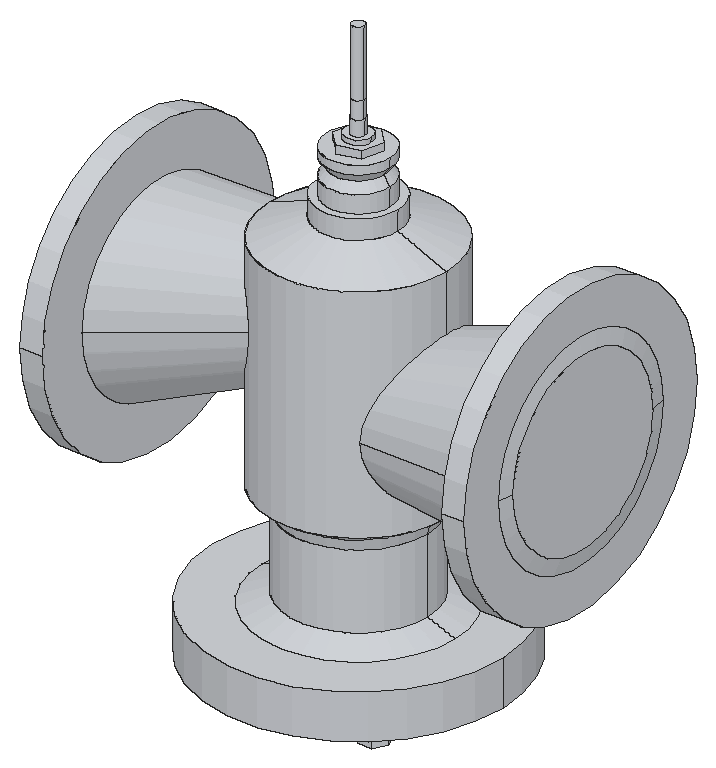
Revit family "2FGB-B_PN16_DN080_RFA_2018", category Pipe Accessories, Revit 2018
Family settings
  Round Connector Dimension = Use Diameter
  Part Type = Valve - Breaks Into
  Work Plane-Based = No
  Always vertical = Yes
  Cut with Voids When Loaded = No
  Shared = No
Parameters (values of type "2FGB-B PN16 DN080")
  magiProductId = ""
  magiProductFamilyId = ""
  magiPartTypeId = 306
  isMeasuringValve [instance] = no
  ang2D [instance] = 0.00°
  Z9 = 4.2 mm
  Z8 = 5.7 mm
  Z7 = 3 mm
  Z6 = 6 mm
  Z5 = 6 mm
  Z4 = 12 mm
  Z3 = 151.95 mm
  Z19 = 9.9 mm
  Z15 = 36.75 mm
  Z14__ve = -Z14  # -13.125 mm
  Z14 = 13.125 mm
  Z13 = 7.32 mm
  Z12 = 51.24 mm
  Z10 = 5.1 mm
  X4 = 30.6 mm
  X2__ve = -X2  # -15.3 mm
  X2 = 15.3 mm
  X1 = 2 mm
  W2D = 80 mm
  VersionID = ""
  Use Minimum Symbol Size [instance] = yes
  URL = "www.hydronix.cz"
  Type Comments = "Přírubový; EQM charakteristika; PN16; -10~+150°C; tlakově vyvážená kuželka"
  R9 = 4 mm
  R7 = 8.923 mm
  R6 = 14.872 mm
  R5 = 17.626 mm
  R4 = 22.032 mm
  R3 = 27.54 mm
  R2 = 49.875 mm
  R13 = 47.88 mm
  R12 = 4.685 mm
  R1 = 39.9 mm
  QmdConnectorList = "301;D;302;D"
  Productdata [instance] = "2FGB80B (DN80; PN16; kvs100; tlakově vyvážená kuželka)"
  Manufacturer = "Hydronix"
  Maintenance Zone Under Depth [instance] = 207 mm
  Maintenance Zone Right Depth [instance] = 175 mm
  Maintenance Zone Over Depth [instance] = 221 mm
  Maintenance Zone Left Depth [instance] = 175 mm
  Maintenance Zone Front Depth [instance] = 110 mm
  Maintenance Zone Back Depth [instance] = 110 mm
  Maintenance Zone Front Visibility [instance] = no
  LT2 = 155 mm
  L2D_Min = 3048 mm
  L2D = 310 mm
  HCDT2 = 66.5 mm
  H4 = 187 mm
  H3 = 105 mm
  H2 = 45 mm
  FDT2 = 100 mm
  Description = "2 cestný regulační ventil přírubový; DN80; PN16; kvs100; zdvih 45mm"
  D4 = 60.35 mm
  D3 = 71 mm
  D2 = 61.2 mm
  D = 80 mm
  CenSd_R6_6 = R6 * cos(30.00°)  # 12.879 mm
  CenSd_A_6 = A * cos(30.00°)  # 8.66 mm
  Clearance Zone Height Depth [instance] = 221 mm
  CZONC [instance] = 175 mm
  Clearance Zone Visibility [instance] = no
  B1 = 56.569 mm
  A = 10 mm
Types (5, lengths in mm): name | Z9 | Z8 | Z6 | Z5 | Z4 | Z3 | Z19 | Z15 | Z14__ve | Z14 | Z13 | Z12 | Z10 | X4 | X2__ve | X2 | W2D | R7 | R6 | R5 | R4 | R3 | R2 | R13 | R12 | R1 | Productdata | LT2 | L2D | HCDT2 | H4 | H3 | H2 | FDT2 | Description | D4 | D3 | D2 | D | CenSd_R6_6 | CenSd_A_6 | B1 | A
  2FGB-B PN16 DN100 | 4.165 | 5.602 | 5.95 | 5.95 | 11.9 | 168.575 | 9.767 | 40.775 | -14.562 | 14.562 | 8.12 | 56.84 | 5.082 | 34.6 | -17.3 | 17.3 | 100 | 10.089 | 16.816 | 19.93 | 24.912 | 31.14 | 57.375 | 55.08 | 5.297 | 45.9 | "2FGB100B (DN100; PN16; kvs130; tlakově vyvážená kuželka)" | 175 | 350 | 76.5 | 207 | 116.5 | 45 | 110 | "2 cestný regulační ventil přírubový; DN100; PN16; kvs130; zdvih 45mm" | 68.85 | 81 | 69.2 | 100 | 14.563 | 9.526 | 63.64 | 11
  2FGB-B PN16 DN080 | 4.2 | 5.7 | 6 | 6 | 12 | 151.95 | 9.9 | 36.75 | -13.125 | 13.125 | 7.32 | 51.24 | 5.1 | 30.6 | -15.3 | 15.3 | 80 | 8.923 | 14.872 | 17.626 | 22.032 | 27.54 | 49.875 | 47.88 | 4.685 | 39.9 | "2FGB80B (DN80; PN16; kvs100; tlakově vyvážená kuželka)" | 155 | 310 | 66.5 | 187 | 105 | 45 | 100 | "2 cestný regulační ventil přírubový; DN80; PN16; kvs100; zdvih 45mm" | 60.35 | 71 | 61.2 | 80 | 12.879 | 8.66 | 56.569 | 10
  2FGB-B PN16 DN065 | 4.2 | 5.7 | 6 | 6 | 12 | 139.45 | 9.9 | 33.25 | -11.875 | 11.875 | 6.82 | 47.74 | 5.1 | 28.6 | -14.3 | 14.3 | 65 | 8.34 | 13.9 | 16.474 | 20.592 | 25.74 | 44.25 | 42.48 | 4.378 | 35.4 | "2FGB65B (DN65; PN16; kvs63; tlakově vyvážená kuželka)" | 145 | 290 | 59 | 175 | 95 | 25 | 92.5 | "2 cestný regulační ventil přírubový; DN65; PN16; kvs63; zdvih 25mm" | 53.975 | 63.5 | 57.2 | 65 | 12.037 | 8.011 | 51.265 | 9.25
  2FGB-B PN16 DN150 | 4.2 | 5.7 | 6 | 6 | 12 | 227.45 | 9.9 | 54.95 | -19.625 | 19.625 | 10.97 | 76.79 | 5.1 | 47.6 | -23.8 | 23.8 | 150 | 13.88 | 23.134 | 27.418 | 34.272 | 42.84 | 77.625 | 74.52 | 7.287 | 62.1 | "2FGB150B (DN150; PN16; kvs300; tlakově vyvážená kuželka)" | 240 | 480 | 103.5 | 277 | 157 | 45 | 142.5 | "2 cestný regulační ventil přírubový; DN150; PN16; kvs300; zdvih 45mm" | 92.65 | 109 | 95.2 | 150 | 20.034 | 12.341 | 84.853 | 14.25
  2FGB-B PN16 DN125 | 4.2 | 5.7 | 6 | 6 | 12 | 196.45 | 9.9 | 48.65 | -17.375 | 17.375 | 9.22 | 64.54 | 5.1 | 39.6 | -19.8 | 19.8 | 125 | 11.547 | 19.246 | 22.81 | 28.512 | 35.64 | 68.625 | 65.88 | 6.062 | 54.9 | "2FGB125B (DN125; PN16; kvs200; tlakově vyvážená kuželka)" | 200 | 400 | 91.5 | 234 | 139 | 45 | 125 | "2 cestný regulační ventil přírubový; DN125; PN16; kvs200; zdvih 45mm" | 81.6 | 96 | 79.2 | 125 | 16.667 | 10.825 | 74.246 | 12.5
Reference planes
  plane 1 "Center (Front/Back)": y = 0
  plane 2 "XYPLANE": z = 0
  plane 3 "Center (Left/Right)": x = 0
  plane 4 "234": y = -56.569
  plane 5 "233": x = 56.569
  plane 6 "232": x = -56.569
  plane 7 "231": y = 56.569
  plane 8 "225": z = -177
  plane 9 "223": z = 221
  plane 10 "221": x = -175
  plane 11 "220": x = 175
  plane 12 "219": y = -110
  plane 13 "218": y = 110
  plane 14 "196": z = -207
  plane 15 "182": z = 165
  plane 16 "161": z = 153
  plane 17 "158": z = 147.3
  plane 18 "150": z = 143.1
  plane 19 "148": z = 140.1
  plane 20 "142": z = 135
  plane 21 "136": z = 129
  plane 22 "135": z = 123
  plane 23 "131": z = 117
  plane 24 "78": z = 78.75
  plane 25 "77": z = 91.875
  plane 26 "74": z = 105
  plane 27 "70": z = -73.2
  plane 28 "65": z = -80.52
  plane 29 "64": z = -87.84
  plane 30 "58": z = -139.08
  plane 31 "57": z = -146.4
  plane 32 "46": z = -187
  plane 33 "28": x = 137.7
  plane 34 "27": x = 153
  plane 35 "21": z = -20
  plane 36 "16": z = 36.75
  plane 37 "13": x = -137.7
  plane 38 "7": x = -153
  plane 39 "6": x = 155
  plane 40 "5": x = -155
  plane 41 "3": y = 0
  plane 42 "2": z = 0
  plane 43 "1": x = 0
Forms (mm)
  Extrusion 1, solid
    sketch origin (-750, 0, -187) x (1, 0, 0) y (0, 1, 0)
      loop
        line (816.569, -56.569) -> (811.569, -47.908) -> (801.569, -47.908) -> (796.569, -56.569) -> (801.569, -65.229) -> (811.569, -65.229) -> (816.569, -56.569)
    from 0 to 10
  Extrusion 2, solid
    sketch origin (-750, 0, -187) x (1, 0, 0) y (0, 1, 0)
      loop
        line (703.431, -56.569) -> (698.431, -47.908) -> (688.431, -47.908) -> (683.431, -56.569) -> (688.431, -65.229) -> (698.431, -65.229) -> (703.431, -56.569)
    from 0 to 10
  Extrusion 3, solid
    sketch origin (-750, 0, -187) x (1, 0, 0) y (0, 1, 0)
      loop
        line (816.569, 56.569) -> (811.569, 65.229) -> (801.569, 65.229) -> (796.569, 56.569) -> (801.569, 47.908) -> (811.569, 47.908) -> (816.569, 56.569)
    from 0 to 10
  Extrusion 4, solid
    sketch origin (-750, 0, -187) x (1, 0, 0) y (0, 1, 0)
      loop
        line (703.431, 56.569) -> (698.431, 65.229) -> (688.431, 65.229) -> (683.431, 56.569) -> (688.431, 47.908) -> (698.431, 47.908) -> (703.431, 56.569)
    from 0 to 10
  Blend 5, solid, visible <- "Maintenance Zone Front Visibility"
    base sketch origin (-750, 0, 221) x (1, 0, 0) y (0, 1, 0)
      loop
        line (575, 110) -> (575, -110) -> (925, -110) -> (925, 110) -> (575, 110)
    top sketch origin (-750, 0, 221) x (1, 0, 0) y (0, 1, 0)
      loop
        line (575, 110) -> (575, -110) -> (925, -110) -> (925, 110) -> (575, 110)
    from 0 to -428
  Extrusion 6, solid, visible <- "Clearance Zone Visibility"
    sketch origin (-750, 0, 0) x (1, 0, 0) y (0, 1, 0)
      loop
        circle (750, 0) r 175
    from 0 to 221 <- "Clearance Zone Height Depth"
  Extrusion 7, solid
    sketch origin (-750, 0, 143.1) x (1, 0, 0) y (0, 1, 0)
      loop
        circle (750, 0) r 4.685
    from 0 to 9.9 <- "Z19"
  Extrusion 8, solid
    sketch origin (-750, 0, 165) x (1, 0, 0) y (0, 1, 0)
      loop
        circle (750, 0) r 4
    from 0 to 45 <- "H2"
  Extrusion 9, solid
    sketch origin (-750, 0, 153) x (1, 0, 0) y (0, 1, 0)
      loop
        circle (750, 0) r 4
    from 0 to 12 <- "Z4"
  Extrusion 10, solid
    sketch origin (-750, 0, 140.1) x (1, 0, 0) y (0, 1, 0)
      loop
        circle (750, 0) r 8.923
    from 0 to 3 <- "Z7"
  Extrusion 11, solid
    sketch origin (-750, 0, 135) x (1, 0, 0) y (0, 1, 0)
      loop
        line (760.516, -10.516) -> (764.365, 3.849) -> (753.849, 14.365) -> (739.484, 10.516) -> (735.635, -3.849) -> (746.151, -14.365) -> (760.516, -10.516)
    from 0 to 5.1 <- "Z10"
  Extrusion 12, solid
    sketch origin (-750, 0, 129) x (1, 0, 0) y (0, 1, 0)
      loop
        circle (750, 0) r 22.032
    from 0 to 6 <- "Z6"
  Blend 13, solid
    base sketch origin (-750, 0, 123) x (1, 0, 0) y (0, 1, 0)
      loop
        circle (750, 0) r 17.626
    top sketch origin (-750, 0, 123) x (1, 0, 0) y (0, 1, 0)
      loop
        circle (750, 0) r 22.032
    from 0 to 6
  Blend 14, solid
    base sketch origin (-750, 0, 117) x (1, 0, 0) y (0, 1, 0)
      loop
        circle (750, 0) r 22.032
    top sketch origin (-750, 0, 117) x (1, 0, 0) y (0, 1, 0)
      loop
        circle (750, 0) r 17.626
    from 0 to 6
  Extrusion 15, solid
    sketch origin (-750, 0, 105) x (1, 0, 0) y (0, 1, 0)
      loop
        circle (750, 0) r 22.032
    from 0 to 12 <- "Z4"
  Extrusion 16, solid
    sketch origin (-750, 0, 105) x (1, 0, 0) y (0, 1, 0)
      loop
        circle (750, 0) r 27.54
    from 0 to -13.125 <- "Z14__ve"
  Blend 17, solid
    base sketch origin (-750, 0, 78.75) x (1, 0, 0) y (0, 1, 0)
      loop
        circle (750, 0) r 61.2
    top sketch origin (-750, 0, 78.75) x (1, 0, 0) y (0, 1, 0)
      loop
        circle (750, 0) r 27.54
    from 0 to 13.125
  Blend 18, solid
    base sketch origin (-750, 0, -80.52) x (1, 0, 0) y (0, 1, 0)
      loop
        circle (750, 0) r 49.875
    top sketch origin (-750, 0, -80.52) x (1, 0, 0) y (0, 1, 0)
      loop
        circle (750, 0) r 61.2
    from 0 to 7.32
  Blend 19, solid
    base sketch origin (-750, 0, -87.84) x (1, 0, 0) y (0, 1, 0)
      loop
        circle (750, 0) r 47.88
    top sketch origin (-750, 0, -87.84) x (1, 0, 0) y (0, 1, 0)
      loop
        circle (750, 0) r 49.875
    from 0 to 7.32
  Extrusion 20, solid
    sketch origin (-750, 0, -139.08) x (1, 0, 0) y (0, 1, 0)
      loop
        circle (750, 0) r 47.88
    from 0 to 51.24 <- "Z12"
  Blend 21, solid
    base sketch origin (-750, 0, -146.4) x (1, 0, 0) y (0, 1, 0)
      loop
        circle (750, 0) r 66.5
    top sketch origin (-750, 0, -146.4) x (1, 0, 0) y (0, 1, 0)
      loop
        circle (750, 0) r 47.88
    from 0 to 7.32
  Extrusion 22, solid
    sketch origin (-750, 0, -177) x (1, 0, 0) y (0, 1, 0)
      loop
        circle (750, 0) r 100
    from 0 to 30.6 <- "X4"
  Blend 23, solid
    base sketch origin (153, -750, 0) x (0, 1, 0) y (0, 0, 1)
      loop
        circle (750, 0) r 71
    top sketch origin (153, -750, 0) x (0, 1, 0) y (0, 0, 1)
      loop
        circle (750, 0) r 60.35
    from 0 to 2
  Blend 24, solid
    base sketch origin (-155, -750, 0) x (0, 1, 0) y (0, 0, 1)
      loop
        circle (750, 0) r 60.35
    top sketch origin (-155, -750, 0) x (0, 1, 0) y (0, 0, 1)
      loop
        circle (750, 0) r 71
    from 0 to 2
  Extrusion 25, solid
    sketch origin (153, -750, 0) x (0, 1, 0) y (0, 0, 1)
      loop
        circle (750, 0) r 100
    from 0 to -15.3 <- "X2__ve"
  Blend 26, solid
    base sketch origin (0, -750, 0) x (0, 1, 0) y (0, 0, 1)
      loop
        circle (750, -20) r 39.9
    top sketch origin (0, -750, 0) x (0, 1, 0) y (0, 0, 1)
      loop
        circle (750, 0) r 66.5
    from 0 to 137.7
  Extrusion 27, solid
    sketch origin (-750, 0, -73.2) x (1, 0, 0) y (0, 1, 0)
      loop
        circle (750, 0) r 61.2
    from 0 to 151.95 <- "Z3"
  Blend 28, solid
    base sketch origin (-137.7, -750, 0) x (0, 1, 0) y (0, 0, 1)
      loop
        circle (750, 0) r 66.5
    top sketch origin (-137.7, -750, 0) x (0, 1, 0) y (0, 0, 1)
      loop
        circle (750, 36.75) r 39.9
    from 0 to 137.7
  Extrusion 29, solid
    sketch origin (-153, -750, 0) x (0, 1, 0) y (0, 0, 1)
      loop
        circle (750, 0) r 100
    from 0 to 15.3 <- "X2"
  Extrusion 30, solid, not visible
    sketch origin (155, -750, 0) x (0, 1, 0) y (0, 0, 1)
      loop
        circle (750, 0) r 10
    from 0 to -10
  Extrusion 31, solid, not visible
    sketch origin (-155, -750, 0) x (0, 1, 0) y (0, 0, 1)
      loop
        circle (750, 0) r 10
    from 0 to 10
Lines and regions (mm)
  reference lines, not visible
    curve 1: circle (2, 2, 0) r 1 normal (0, 0, 1)
  reference lines
    curve 2: line (56.569, -56.569, -187) -> (53.819, -51.805, -187)
    curve 3: line (56.569, -56.569, -187) -> (51.069, -56.569, -187)
    curve 4: line (56.569, -56.569, -187) -> (53.819, -61.332, -187)
    curve 5: line (-56.569, -56.569, -187) -> (-59.319, -51.805, -187)
    curve 6: line (-56.569, -56.569, -187) -> (-62.069, -56.569, -187)
    curve 7: line (-56.569, -56.569, -187) -> (-59.319, -61.332, -187)
    curve 8: line (56.569, 56.569, -187) -> (53.819, 61.332, -187)
    curve 9: line (56.569, 56.569, -187) -> (51.069, 56.569, -187)
    curve 10: line (56.569, 56.569, -187) -> (53.819, 51.805, -187)
    curve 11: line (-56.569, 56.569, -187) -> (-59.319, 61.332, -187)
    curve 12: line (-56.569, 56.569, -187) -> (-62.069, 56.569, -187)
    curve 13: line (-56.569, 56.569, -187) -> (-59.319, 51.805, -187)
    curve 14: line (0, 0, 135) -> (2.176, 8.121, 135)
    curve 15: line (0, 0, 135) -> (-5.945, 5.945, 135)
    curve 16: line (0, 0, 135) -> (-8.121, -2.176, 135)
Dimensions and locks
  plane 1 "Center (Front/Back)" to curve 1 = 2 mm
  "B1": plane 1 "Center (Front/Back)" to plane 4 "234"
  "B1": plane 3 "Center (Left/Right)" to plane 5 "233"
  "B1": plane 3 "Center (Left/Right)" to plane 6 "232"
  "B1": plane 1 "Center (Front/Back)" to plane 7 "231"
  locked: plane 32 "46" to plane 8 "225" at 10
  "Maintenance Zone Over Depth": plane 2 "XYPLANE" to plane 9 "223"
  "Maintenance Zone Left Depth": plane 3 "Center (Left/Right)" to plane 10 "221"
  "Maintenance Zone Right Depth": plane 3 "Center (Left/Right)" to plane 11 "220"
  "Maintenance Zone Front Depth": plane 1 "Center (Front/Back)" to plane 12 "219"
  "Maintenance Zone Back Depth": plane 1 "Center (Front/Back)" to plane 13 "218"
  "Maintenance Zone Under Depth": plane 2 "XYPLANE" to plane 14 "196"
  "Z4": plane 16 "161" to plane 15 "182"
  "Z8": plane 17 "158" to plane 16 "161"
  "Z9": plane 18 "150" to plane 17 "158"
  "Z7": plane 19 "148" to plane 18 "150"
  "Z10": plane 20 "142" to plane 19 "148"
  "Z6": plane 21 "136" to plane 20 "142"
  "Z5": plane 22 "135" to plane 21 "136"
  "Z5": plane 23 "131" to plane 22 "135"
  "Z4": plane 26 "74" to plane 23 "131"
  "Z14": plane 25 "77" to plane 24 "78"
  "Z14": plane 26 "74" to plane 25 "77"
  "H3": plane 2 "XYPLANE" to plane 26 "74"
  "Z13": plane 28 "65" to plane 27 "70"
  "Z13": plane 29 "64" to plane 28 "65"
  "Z12": plane 30 "58" to plane 29 "64"
  "Z13": plane 31 "57" to plane 30 "58"
  "X4": plane 8 "225" to plane 31 "57"
  "H4": plane 2 "XYPLANE" to plane 32 "46"
  "X2": plane 34 "27" to plane 33 "28"
  "X1": plane 39 "6" to plane 34 "27"
  locked: plane 42 "2" to plane 35 "21" at 20
  "Z15": plane 42 "2" to plane 36 "16"
  "X2": plane 38 "7" to plane 37 "13"
  "X1": plane 40 "5" to plane 38 "7"
  "LT2": plane 3 "Center (Left/Right)" to plane 39 "6"
  "LT2": plane 3 "Center (Left/Right)" to plane 40 "5"
  locked: plane 1 "Center (Front/Back)" to plane 41 "3"
  locked: plane 2 "XYPLANE" to plane 42 "2"
  locked: plane 3 "Center (Left/Right)" to plane 43 "1"
  "CenSd_A_6": curve 2 to Extrusion 1 sketch curve  (x2)
  "CenSd_A_6": curve 3 to Extrusion 1 sketch curve  (x2)
  "CenSd_A_6": curve 4 to Extrusion 1 sketch curve  (x2)
  "CenSd_A_6": curve 5 to Extrusion 2 sketch curve  (x2)
  "CenSd_A_6": curve 6 to Extrusion 2 sketch curve  (x2)
  "CenSd_A_6": curve 7 to Extrusion 2 sketch curve  (x2)
  "CenSd_A_6": curve 8 to Extrusion 3 sketch curve  (x2)
  "CenSd_A_6": curve 9 to Extrusion 3 sketch curve  (x2)
  "CenSd_A_6": curve 10 to Extrusion 3 sketch curve  (x2)
  "CenSd_A_6": curve 11 to Extrusion 4 sketch curve  (x2)
  "CenSd_A_6": curve 12 to Extrusion 4 sketch curve  (x2)
  "CenSd_A_6": curve 13 to Extrusion 4 sketch curve  (x2)
  "CenSd_R6_6": curve 14 to Extrusion 11 sketch curve  (x2)
  "CenSd_R6_6": curve 15 to Extrusion 11 sketch curve  (x2)
  "CenSd_R6_6": curve 16 to Extrusion 11 sketch curve  (x2)
  "CZONC": radius of Extrusion 6 sketch curve
  "R12": radius of Extrusion 7 sketch curve
  "R9": radius of Extrusion 8 sketch curve
  "R9": radius of Extrusion 9 sketch curve
  "R7": radius of Extrusion 10 sketch curve
  "R4": radius of Extrusion 12 sketch curve
  "R4": radius of Blend 13 sketch curve
  "R5": radius of Blend 13 sketch curve
  "R5": radius of Blend 14 sketch curve
  "R4": radius of Blend 14 sketch curve
  "R4": radius of Extrusion 15 sketch curve
  "R3": radius of Extrusion 16 sketch curve
  "R3": radius of Blend 17 sketch curve
  "D2": radius of Blend 17 sketch curve
  "D2": radius of Blend 18 sketch curve
  "R2": radius of Blend 18 sketch curve
  "R2": radius of Blend 19 sketch curve
  "R13": radius of Blend 19 sketch curve
  "R13": radius of Extrusion 20 sketch curve
  "R13": radius of Blend 21 sketch curve
  "HCDT2": radius of Blend 21 sketch curve
  "FDT2": radius of Extrusion 22 sketch curve
  "D4": radius of Blend 23 sketch curve
  "D3": radius of Blend 23 sketch curve
  "D3": radius of Blend 24 sketch curve
  "D4": radius of Blend 24 sketch curve
  "FDT2": radius of Extrusion 25 sketch curve
  "HCDT2": radius of Blend 26 sketch curve
  "R1": radius of Blend 26 sketch curve
  "D2": radius of Extrusion 27 sketch curve
  "R1": radius of Blend 28 sketch curve
  "HCDT2": radius of Blend 28 sketch curve
  "FDT2": radius of Extrusion 29 sketch curve
  locked: curve 3 to curve 2 (angle 60.00°)
  locked: curve 4 to curve 3 (angle 60.00°)
  locked: curve 4 to curve 2 (angle 120.00°)
  locked: curve 6 to curve 5 (angle 60.00°)
  locked: curve 7 to curve 6 (angle 60.00°)
  locked: curve 7 to curve 5 (angle 120.00°)
  locked: curve 9 to curve 8 (angle 60.00°)
  locked: curve 10 to curve 9 (angle 60.00°)
  locked: curve 10 to curve 8 (angle 120.00°)
  locked: curve 12 to curve 11 (angle 60.00°)
  locked: curve 13 to curve 12 (angle 60.00°)
  locked: curve 13 to curve 11 (angle 120.00°)
  locked: curve 15 to curve 14 (angle 60.00°)
  locked: curve 16 to curve 15 (angle 60.00°)
  locked: curve 16 to curve 14 (angle 120.00°)
  aligned and locked: level to plane 2 "XYPLANE"
  aligned and locked: plane 4 "234" to curve 2
  aligned and locked: plane 5 "233" to curve 2
  aligned and locked: plane 4 "234" to curve 5
  aligned and locked: plane 6 "232" to curve 5
  aligned and locked: plane 5 "233" to curve 8
  aligned and locked: plane 7 "231" to curve 8
  aligned and locked: plane 6 "232" to curve 11
  aligned and locked: plane 7 "231" to curve 11
  aligned and locked: plane 13 "218" to Blend 5 sketch curve  (x4)
  aligned and locked: plane 12 "219" to Blend 5 sketch curve  (x4)
  aligned and locked: plane 10 "221" to Blend 5 sketch curve  (x4)
  aligned and locked: plane 11 "220" to Blend 5 sketch curve  (x4)
  aligned and locked: Blend 5 to plane 14 "196"
  aligned and locked: plane 41 "3" to Extrusion 6 sketch curve
  aligned and locked: plane 43 "1" to Extrusion 6 sketch curve
  aligned and locked: plane 41 "3" to Extrusion 7 sketch curve
  aligned and locked: plane 43 "1" to Extrusion 7 sketch curve
  aligned and locked: plane 41 "3" to Extrusion 8 sketch curve
  aligned and locked: plane 43 "1" to Extrusion 8 sketch curve
  aligned and locked: plane 41 "3" to Extrusion 9 sketch curve
  aligned and locked: plane 43 "1" to Extrusion 9 sketch curve
  aligned and locked: plane 41 "3" to Extrusion 10 sketch curve
  aligned and locked: plane 43 "1" to Extrusion 10 sketch curve
  aligned and locked: plane 41 "3" to curve 14
  aligned and locked: plane 43 "1" to curve 14
  aligned and locked: plane 41 "3" to Extrusion 12 sketch curve
  aligned and locked: plane 43 "1" to Extrusion 12 sketch curve
  aligned and locked: plane 41 "3" to Blend 13 sketch curve  (x2)
  aligned and locked: plane 43 "1" to Blend 13 sketch curve  (x2)
  aligned and locked: plane 21 "136" to Blend 13
  aligned and locked: plane 41 "3" to Blend 14 sketch curve  (x2)
  aligned and locked: plane 43 "1" to Blend 14 sketch curve  (x2)
  aligned and locked: plane 22 "135" to Blend 14
  aligned and locked: plane 41 "3" to Extrusion 15 sketch curve
  aligned and locked: plane 43 "1" to Extrusion 15 sketch curve
  aligned and locked: plane 41 "3" to Extrusion 16 sketch curve
  aligned and locked: plane 43 "1" to Extrusion 16 sketch curve
  aligned and locked: plane 41 "3" to Blend 17 sketch curve  (x2)
  aligned and locked: plane 43 "1" to Blend 17 sketch curve  (x2)
  aligned and locked: plane 25 "77" to Blend 17
  aligned and locked: plane 41 "3" to Blend 18 sketch curve  (x2)
  aligned and locked: plane 43 "1" to Blend 18 sketch curve  (x2)
  aligned and locked: plane 27 "70" to Blend 18
  aligned and locked: plane 41 "3" to Blend 19 sketch curve  (x2)
  aligned and locked: plane 43 "1" to Blend 19 sketch curve  (x2)
  aligned and locked: plane 28 "65" to Blend 19
  aligned and locked: plane 41 "3" to Extrusion 20 sketch curve
  aligned and locked: plane 43 "1" to Extrusion 20 sketch curve
  aligned and locked: plane 41 "3" to Blend 21 sketch curve  (x2)
  aligned and locked: plane 43 "1" to Blend 21 sketch curve  (x2)
  aligned and locked: plane 30 "58" to Blend 21
  aligned and locked: plane 41 "3" to Extrusion 22 sketch curve
  aligned and locked: plane 43 "1" to Extrusion 22 sketch curve
  aligned and locked: Blend 23 sketch curve to plane 41 "3"  (x2)
  aligned and locked: plane 42 "2" to Blend 23 sketch curve  (x2)
  aligned and locked: plane 39 "6" to Blend 23
  aligned and locked: Blend 24 sketch curve to plane 41 "3"  (x2)
  aligned and locked: plane 42 "2" to Blend 24 sketch curve  (x2)
  aligned and locked: plane 38 "7" to Blend 24
  aligned and locked: Extrusion 25 sketch curve to plane 41 "3"
  aligned and locked: plane 42 "2" to Extrusion 25 sketch curve
  aligned and locked: Blend 26 sketch curve to plane 41 "3"  (x2)
  aligned and locked: plane 42 "2" to Blend 26 sketch curve
  aligned and locked: plane 35 "21" to Blend 26 sketch curve
  aligned and locked: plane 33 "28" to Blend 26
  aligned and locked: plane 41 "3" to Extrusion 27 sketch curve
  aligned and locked: plane 43 "1" to Extrusion 27 sketch curve
  aligned and locked: plane 36 "16" to Blend 28 sketch curve
  aligned and locked: plane 41 "3" to Blend 28 sketch curve
  aligned and locked: Blend 28 sketch curve to plane 41 "3"
  aligned and locked: plane 42 "2" to Blend 28 sketch curve
  aligned and locked: plane 43 "1" to Blend 28
  aligned and locked: Extrusion 29 sketch curve to plane 41 "3"
  aligned and locked: plane 42 "2" to Extrusion 29 sketch curve
  aligned and locked: Extrusion 30 sketch curve to plane 41 "3"
  aligned and locked: plane 42 "2" to Extrusion 30 sketch curve
  aligned and locked: Extrusion 31 sketch curve to plane 41 "3"
  aligned and locked: plane 42 "2" to Extrusion 31 sketch curve
Automatic sketch dimensions
  plane 1 "Center (Front/Back)" to curve 16 = 2.176 mm
  plane 1 "Center (Front/Back)" to Extrusion 30 sketch curve = 10 mm
  plane 1 "Center (Front/Back)" to Extrusion 31 sketch curve = 10 mm
  plane 3 "Center (Left/Right)" to curve 1 = 2 mm
  radius of curve 1 = 1 mm
Connectors
  piping at (-155, 0, 0), diameter 80, driven by "D"
    settings: on Extrusion 31, index 1, connector inside diameter 609.6 mm, connector length 0 mm, flow factor 0, pipe flow 0.0 L/s, pressure drop 0.0 Pa, fitting loss kfactor 0, connector angle 0.00°, fixture units 0, engagement length 0 mm, angle of deflection 0.00°, flow configuration 0, flow direction 0, fitting loss method 0, system type 29, joint type 0, gender type 0, connector reference index 2, connector utility 0, adjustable connector no, is connector primary yes, connector description ""
  piping at (155, 0, 0), diameter 80, driven by "D"
    settings: on Extrusion 30, index 2, connector inside diameter 609.6 mm, connector length 0 mm, flow factor 0, pipe flow 0.0 L/s, pressure drop 0.0 Pa, fitting loss kfactor 0, connector angle 0.00°, fixture units 0, engagement length 0 mm, angle of deflection 0.00°, flow configuration 0, flow direction 0, fitting loss method 0, system type 29, joint type 0, gender type 0, connector reference index 1, connector utility 0, adjustable connector no, is connector primary no, connector description ""
